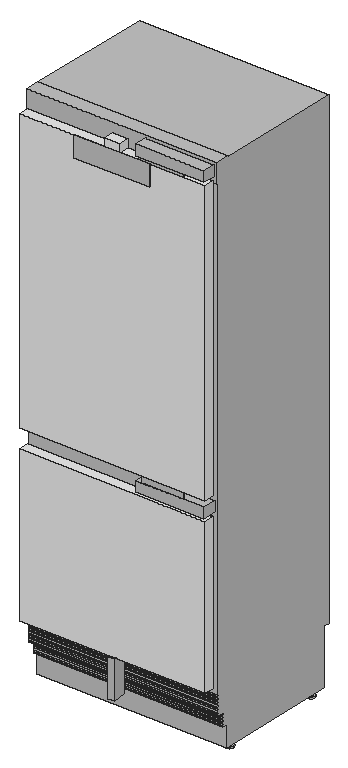
Revit family "FP_Revit_18_RS3084WRUK1_Fridge_90001084A", category Specialty Equipment, Revit 2018 (continued)
Definition of nested family "Handle Professional Round - Vertical"
  Automatic sketch dimensions
    plane 1 "Center (Front/Back)" to Extrusion 2 sketch curve = 41.7 mm
    Extrusion 3 sketch curve to plane 3 "Center (Left/Right)" = 0 mm
    plane 1 "Center (Front/Back)" to Extrusion 3 sketch curve = 41.7 mm
    Sweep 4 sketch curve to profile plane = 0 mm  (x2)
    Sweep 4 sketch curve to profile plane = 3 mm  (x2)
    Sweep 5 sketch curve to profile plane = 0 mm  (x2)
    Sweep 5 sketch curve to profile plane = 3 mm  (x2)
    Extrusion 6 sketch curve to plane 3 "Center (Left/Right)" = 0 mm
    Extrusion 6 sketch curve to plane 3 "Center (Left/Right)" = 18.5 mm
    plane 1 "Center (Front/Back)" to Extrusion 6 sketch curve = 41.7 mm
    Extrusion 6 sketch curve to Extrusion 6 sketch curve = 41.7 mm
    Extrusion 7 sketch curve to plane 3 "Center (Left/Right)" = 0 mm
    Extrusion 7 sketch curve to plane 3 "Center (Left/Right)" = 18.5 mm
    plane 1 "Center (Front/Back)" to Extrusion 7 sketch curve = 41.7 mm
    Extrusion 7 sketch curve to Extrusion 7 sketch curve = 41.7 mm
    radius of Extrusion 3 sketch curve = 12.7 mm
Definition of nested family "Handle Professional Round Flush - Vertical"
  Parameters (values of type "AHP3-RD84 - Professional round flush handle (Vertical) 677mm")
    URL = "www.fisherpaykel.com"
    Material - Handle = none
    Manufacturer = "Fisher & Paykel Appliances"
    Handle - Length = 677 mm
  Types (4): name
    (no name)
    AHP3RD2484W - Professional round flush handle (1 of 2) (Vertical) 677mm
    AHP3RD3084W - Professional round flush handle (1 of 2) (Vertical) 677mm
    AHP3-RD84 - Professional round flush handle (Vertical) 677mm
  Reference planes
    plane 1 "Center (Front/Back)": y = 0
    plane 2: z = 0
    plane 3 "Center (Left/Right)": x = 0
    plane 4 "Top": z = 338.5
    plane 5 "Bottom": z = -338.5
    plane 6 "Top Standoff": z = 303.5
    plane 7 "Bottom Standoff": z = -303.5
  Forms (mm)
    Extrusion 1, solid, material <- "Material - Handle", detail levels fine
      sketch origin (0, 0, 0) x (1, 0, 0) y (0, 1, 0)
        loop
          arc (-12.817, -46.665) -> (0, -58.016) -> (12.817, -46.665) r 12.912
          line (12.817, -46.665) -> (18.5, 0) -> (-18.5, 0) -> (-12.817, -46.665)
      from 303.5 to 338.5
    Extrusion 2, solid, material <- "Material - Handle", detail levels fine
      sketch origin (0, 0, 0) x (1, 0, 0) y (0, 1, 0)
        loop
          arc (-12.817, -46.665) -> (0, -58.016) -> (12.817, -46.665) r 12.912
          line (12.817, -46.665) -> (18.5, 0) -> (-18.5, 0) -> (-12.817, -46.665)
      from -338.5 to -303.5
    Extrusion 3, solid, material <- "Material - Handle"
      sketch origin (0, 0, 0) x (1, 0, 0) y (0, 1, 0)
        loop
          circle (0, -45.116) r 12.7
      from -303.5 to 303.5
    Sweep 4, void
      path in 3D
        loop
          line (18.5, 0, 338.5) -> (12.817, -46.665, 338.5)
          arc (12.817, -46.665, 338.5) -> (0, -58.016, 338.5) -> (-12.817, -46.665, 338.5) r 12.912
          line (-12.817, -46.665, 338.5) -> (-18.5, 0, 338.5)
      profile origin (0, -58.016, 338.5) x (0, -1, 0) y (0, 0, 1)
        loop
          line (0, 0) -> (-1.5, 0) -> (0, -1.5) -> (0, 0)
    Sweep 5, void
      path in 3D
        loop
          line (-18.5, 0, -338.5) -> (-12.817, -46.665, -338.5)
          arc (-12.817, -46.665, -338.5) -> (0, -58.016, -338.5) -> (12.817, -46.665, -338.5) r 12.912
          line (12.817, -46.665, -338.5) -> (18.5, 0, -338.5)
      profile origin (0, -58.016, -338.5) x (0, -1, 0) y (0, 0, -1)
        loop
          line (0, 0) -> (-1.5, 0) -> (0, -1.5) -> (0, 0)
    Extrusion 6, solid, material <- "Material - Handle", detail levels coarse+medium
      sketch origin (0, 0, 0) x (1, 0, 0) y (0, 1, 0)
        loop
          arc (-12.817, -46.665) -> (0, -58.016) -> (12.817, -46.665) r 12.912
          line (12.817, -46.665) -> (18.5, 0) -> (-18.5, 0) -> (-12.817, -46.665)
      from 303.5 to 338.5
    Extrusion 7, solid, material <- "Material - Handle", detail levels coarse+medium
      sketch origin (0, 0, 0) x (1, 0, 0) y (0, 1, 0)
        loop
          arc (-12.817, -46.665) -> (0, -58.016) -> (12.817, -46.665) r 12.912
          line (12.817, -46.665) -> (18.5, 0) -> (-18.5, 0) -> (-12.817, -46.665)
      from -338.5 to -303.5
  Cuts and joins
    Sweep 4 cuts Extrusion 1
    Sweep 5 cuts Extrusion 2
  Lines and regions (mm)
    sketch lines
      curve 1: arc (12.817, -46.665, 338.5) -> (0, -58.016, 338.5) -> (-12.817, -46.665, 338.5) r 12.912
      curve 2: line (12.817, -46.665, 338.5) -> (18.5, 0, 338.5)
      curve 3: line (-18.5, 0, 338.5) -> (-12.817, -46.665, 338.5)
      curve 4: arc (-12.817, -46.665, -338.5) -> (0, -58.016, -338.5) -> (12.817, -46.665, -338.5) r 12.912
      curve 5: line (18.5, 0, -338.5) -> (12.817, -46.665, -338.5)
      curve 6: line (-12.817, -46.665, -338.5) -> (-18.5, 0, -338.5)
  Dimensions and locks
    equal spacing: plane 4 "Top", level, plane 5 "Bottom"
    "Handle - Length": plane 4 "Top" to plane 5 "Bottom"
    aligned and locked: level to plane 2
    aligned and locked: plane 4 "Top" to Extrusion 1
    aligned and locked: Extrusion 1 to plane 6 "Top Standoff"
    aligned and locked: Extrusion 2 to plane 5 "Bottom"
    aligned and locked: plane 1 "Center (Front/Back)" to Extrusion 2 sketch curve
    aligned and locked: plane 6 "Top Standoff" to Extrusion 3
    aligned and locked: Extrusion 3 to plane 7 "Bottom Standoff"
  Automatic sketch dimensions
    plane 1 "Center (Front/Back)" to Extrusion 1 sketch curve = 0 mm
    Extrusion 1 sketch curve to plane 3 "Center (Left/Right)" = 0 mm
    Extrusion 1 sketch curve to plane 3 "Center (Left/Right)" = 12.817 mm
    Extrusion 1 sketch curve to plane 3 "Center (Left/Right)" = 18.5 mm
    plane 3 "Center (Left/Right)" to Extrusion 1 sketch curve = 12.817 mm
    plane 3 "Center (Left/Right)" to Extrusion 1 sketch curve = 18.5 mm
    plane 1 "Center (Front/Back)" to Extrusion 1 sketch curve = 45.104 mm
    Extrusion 1 sketch curve to Extrusion 1 sketch curve = 1.561 mm
    Extrusion 2 sketch curve to plane 3 "Center (Left/Right)" = 0 mm
    Extrusion 2 sketch curve to plane 3 "Center (Left/Right)" = 12.817 mm
    Extrusion 2 sketch curve to plane 3 "Center (Left/Right)" = 18.5 mm
    plane 3 "Center (Left/Right)" to Extrusion 2 sketch curve = 12.817 mm
    plane 3 "Center (Left/Right)" to Extrusion 2 sketch curve = 18.5 mm
    plane 1 "Center (Front/Back)" to Extrusion 2 sketch curve = 45.104 mm
    Extrusion 2 sketch curve to Extrusion 2 sketch curve = 1.561 mm
    Extrusion 3 sketch curve to plane 3 "Center (Left/Right)" = 0 mm
    plane 1 "Center (Front/Back)" to Extrusion 3 sketch curve = 45.116 mm
    Sweep 4 sketch curve to profile plane = 0 mm  (x2)
    profile plane to Sweep 4 sketch curve = 1.5 mm
    Sweep 4 sketch curve to profile plane = 1.5 mm
    profile plane to Sweep 5 sketch curve = 0 mm
    Sweep 5 sketch curve to profile plane = 0 mm
    profile plane to Sweep 5 sketch curve = 1.5 mm
    Sweep 5 sketch curve to profile plane = 1.5 mm
    Extrusion 6 sketch curve to plane 3 "Center (Left/Right)" = 0 mm
    Extrusion 6 sketch curve to plane 3 "Center (Left/Right)" = 12.817 mm
    Extrusion 6 sketch curve to plane 3 "Center (Left/Right)" = 18.5 mm
    plane 3 "Center (Left/Right)" to Extrusion 6 sketch curve = 12.817 mm
    plane 3 "Center (Left/Right)" to Extrusion 6 sketch curve = 18.5 mm
    plane 1 "Center (Front/Back)" to Extrusion 6 sketch curve = 46.665 mm
    Extrusion 6 sketch curve to Extrusion 6 sketch curve = 1.561 mm
    Extrusion 6 sketch curve to Extrusion 6 sketch curve = 46.665 mm
    Extrusion 7 sketch curve to plane 3 "Center (Left/Right)" = 0 mm
    Extrusion 7 sketch curve to plane 3 "Center (Left/Right)" = 12.817 mm
    Extrusion 7 sketch curve to plane 3 "Center (Left/Right)" = 18.5 mm
    plane 3 "Center (Left/Right)" to Extrusion 7 sketch curve = 12.817 mm
    plane 3 "Center (Left/Right)" to Extrusion 7 sketch curve = 18.5 mm
    plane 1 "Center (Front/Back)" to Extrusion 7 sketch curve = 46.665 mm
    Extrusion 7 sketch curve to Extrusion 7 sketch curve = 1.561 mm
    Extrusion 7 sketch curve to Extrusion 7 sketch curve = 46.665 mm
    radius of Extrusion 3 sketch curve = 12.7 mm
Definition of nested family "Handle Professional Square - Vertical"
  Parameters (values of type "AHV2RS3272A - Professional square handle (1 of 2) (Vertical) 727mm")
    URL = "www.fisherpaykel.com"
    Material - Handle = none
    Manufacturer = "Fisher & Paykel Appliances"
    Handle - Length = 727 mm
  Types (5, lengths in mm): name | Handle - Length
    (no name) | 727
    AHV2RD2484W - Professional square handle (1 of 2) (Vertical) 727mm | 727
    AHV2RD3084W - Professional square handle (1 of 2) (Vertical) 727mm | 727
    AHV2-RD84 - Professional square handle (Vertical) 792mm | 792
    AHV2RS3272A - Professional square handle (1 of 2) (Vertical) 727mm | 727
  Reference planes
    plane 1 "Center (Front/Back)": y = 0
    plane 2: z = 0
    plane 3 "Center (Left/Right)": x = 0
    plane 4 "Top": z = 363.5
    plane 5 "Bottom": z = -363.5
    plane 6 "Top Standoff": z = 313.5
    plane 7 "Bottom Standoff": z = -313.5
  Forms (mm)
    Extrusion 1, solid, material <- "Material - Handle", detail levels fine
      sketch origin (0, 0, 0) x (0, 1, 0) y (0, 0, 1)
        loop
          line (0, 363.5) -> (-40, 363.5)
          arc (-40, 363.5) -> (-47.071, 360.571) -> (-50, 353.5) r 10
          line (-50, 353.5) -> (-50, 313.5) -> (0, 313.5) -> (0, 363.5)
        loop
          line (0, -363.5) -> (0, -313.5) -> (-50, -313.5) -> (-50, -353.5)
          arc (-50, -353.5) -> (-47.071, -360.571) -> (-40, -363.5) r 10
          line (-40, -363.5) -> (0, -363.5)
      from -17.5 to 17.5
    Sweep 2, void
      path in 3D
        loop
          line (17.5, 0, 363.5) -> (17.5, -40, 363.5)
          arc (17.5, -40, 363.5) -> (17.5, -47.071, 360.571) -> (17.5, -50, 353.5) r 10
          line (17.5, -50, 353.5) -> (17.5, -50, 313.5)
      profile origin (17.5, -20, 363.5) x (1, 0, 0) y (0, 0, 1)
        loop
          line (0, 0) -> (-2.5, 0) -> (0, -2.5) -> (0, 0)
    Sweep 3, void
      path in 3D
        loop
          line (-17.5, -50, 313.5) -> (-17.5, -50, 353.5)
          arc (-17.5, -50, 353.5) -> (-17.5, -47.071, 360.571) -> (-17.5, -40, 363.5) r 10
          line (-17.5, -40, 363.5) -> (-17.5, 0, 363.5)
      profile origin (-17.5, -20, 363.5) x (-1, 0, 0) y (0, 0, 1)
        loop
          line (0, 0) -> (-2.5, 0) -> (0, -2.5) -> (0, 0)
    Sweep 4, void
      path in 3D
        loop
          line (17.5, -50, -313.5) -> (17.5, -50, -353.5)
          arc (17.5, -50, -353.5) -> (17.5, -47.071, -360.571) -> (17.5, -40, -363.5) r 10
          line (17.5, -40, -363.5) -> (17.5, 0, -363.5)
      profile origin (17.5, -20, -363.5) x (1, 0, 0) y (0, 0, -1)
        loop
          line (0, 0) -> (-2.5, 0) -> (0, -2.5) -> (0, 0)
    Sweep 5, void
      path in 3D
        loop
          line (-17.5, 0, -363.5) -> (-17.5, -40, -363.5)
          arc (-17.5, -40, -363.5) -> (-17.5, -47.071, -360.571) -> (-17.5, -50, -353.5) r 10
          line (-17.5, -50, -353.5) -> (-17.5, -50, -313.5)
      profile origin (-17.5, -20, -363.5) x (-1, 0, 0) y (0, 0, -1)
        loop
          line (0, 0) -> (-2.5, 0) -> (0, -2.5) -> (0, 0)
    Extrusion 6, solid, material <- "Material - Handle", detail levels fine
      sketch origin (0, 0, 0) x (1, 0, 0) y (0, 1, 0)
        loop
          line (-15.5, -36.737) -> (-15.5, -46.422) -> (-14.172, -47.75) -> (14.172, -47.75) -> (15.5, -46.422) -> (15.5, -36.737)
          arc (15.5, -36.737) -> (0, -32.25) -> (-15.5, -36.737) r 29.013
      from -313.5 to 313.5
    Extrusion 7, solid, material <- "Material - Handle", detail levels coarse+medium
      sketch origin (0, 0, 0) x (0, 1, 0) y (0, 0, 1)
        loop
          line (0, 363.5) -> (-40, 363.5)
          arc (-40, 363.5) -> (-47.071, 360.571) -> (-50, 353.5) r 10
          line (-50, 353.5) -> (-50, -353.5)
          arc (-50, -353.5) -> (-47.071, -360.571) -> (-40, -363.5) r 10
          line (-40, -363.5) -> (0, -363.5) -> (0, -313.5) -> (-31.95, -313.5) -> (-31.95, 313.5) -> (0, 313.5) -> (0, 363.5)
      from -17.5 to 17.5
  Cuts and joins
    Sweep 2, Sweep 3, Sweep 4, Sweep 5 cuts Extrusion 1
  Lines and regions (mm)
    sketch lines
      curve 1: line (17.5, 0, 363.5) -> (17.5, -40, 363.5)
      curve 2: arc (17.5, -50, 353.5) -> (17.5, -47.071, 360.571) -> (17.5, -40, 363.5) r 10
      curve 3: line (17.5, -50, 353.5) -> (17.5, -50, 313.5)
      curve 4: line (-17.5, -40, 363.5) -> (-17.5, 0, 363.5)
      curve 5: arc (-17.5, -40, 363.5) -> (-17.5, -47.071, 360.571) -> (-17.5, -50, 353.5) r 10
      curve 6: line (-17.5, -50, 313.5) -> (-17.5, -50, 353.5)
      curve 7: line (17.5, -40, -363.5) -> (17.5, 0, -363.5)
      curve 8: arc (17.5, -40, -363.5) -> (17.5, -47.071, -360.571) -> (17.5, -50, -353.5) r 10
      curve 9: line (17.5, -50, -313.5) -> (17.5, -50, -353.5)
      curve 10: line (-17.5, 0, -363.5) -> (-17.5, -40, -363.5)
      curve 11: arc (-17.5, -50, -353.5) -> (-17.5, -47.071, -360.571) -> (-17.5, -40, -363.5) r 10
      curve 12: line (-17.5, -50, -353.5) -> (-17.5, -50, -313.5)
  Dimensions and locks
    equal spacing: plane 4 "Top", level, plane 5 "Bottom"
    "Handle - Length": plane 4 "Top" to plane 5 "Bottom"
    plane 7 "Bottom Standoff" to plane 5 "Bottom" = 50 mm
    plane 4 "Top" to plane 6 "Top Standoff" = 50 mm
    aligned and locked: level to plane 2
    aligned and locked: plane 4 "Top" to Extrusion 1 sketch curve
    aligned and locked: plane 5 "Bottom" to Extrusion 1 sketch curve
    aligned and locked: Extrusion 1 sketch curve to plane 1 "Center (Front/Back)"
    aligned and locked: plane 1 "Center (Front/Back)" to Extrusion 1 sketch curve
    aligned and locked: plane 6 "Top Standoff" to Extrusion 1 sketch curve
    aligned and locked: plane 7 "Bottom Standoff" to Extrusion 1 sketch curve
    aligned and locked: plane 6 "Top Standoff" to Extrusion 6
    aligned and locked: Extrusion 6 to plane 7 "Bottom Standoff"
    aligned and locked: plane 4 "Top" to Extrusion 7 sketch curve
    aligned and locked: plane 6 "Top Standoff" to Extrusion 7 sketch curve
    aligned and locked: plane 1 "Center (Front/Back)" to Extrusion 7 sketch curve
    aligned and locked: plane 7 "Bottom Standoff" to Extrusion 7 sketch curve
    aligned and locked: plane 5 "Bottom" to Extrusion 7 sketch curve
    aligned and locked: Extrusion 7 sketch curve to plane 1 "Center (Front/Back)"
  Automatic sketch dimensions
    Sweep 2 sketch curve to profile plane = 0 mm
    profile plane to Sweep 2 sketch curve = 0 mm
    profile plane to Sweep 2 sketch curve = 2.5 mm
    Sweep 2 sketch curve to profile plane = 2.5 mm
    Sweep 3 sketch curve to profile plane = 0 mm  (x2)
    profile plane to Sweep 3 sketch curve = 2.5 mm
    Sweep 3 sketch curve to profile plane = 2.5 mm
    Sweep 4 sketch curve to profile plane = 0 mm
    profile plane to Sweep 4 sketch curve = 0 mm
    profile plane to Sweep 4 sketch curve = 2.5 mm
    Sweep 4 sketch curve to profile plane = 2.5 mm
    Sweep 5 sketch curve to profile plane = 0 mm  (x2)
    profile plane to Sweep 5 sketch curve = 2.5 mm
    Sweep 5 sketch curve to profile plane = 2.5 mm
    plane 1 "Center (Front/Back)" to Extrusion 1 sketch curve = 40 mm  (x2)
    Extrusion 1 sketch curve to Extrusion 1 sketch curve = 10 mm  (x2)
    Extrusion 6 sketch curve to plane 3 "Center (Left/Right)" = 0 mm
    Extrusion 6 sketch curve to Extrusion 6 sketch curve = 1.328 mm  (x4)
    plane 1 "Center (Front/Back)" to Extrusion 6 sketch curve = 61.263 mm
    Extrusion 6 sketch curve to Extrusion 6 sketch curve = 13.513 mm
    Extrusion 6 sketch curve to Extrusion 6 sketch curve = 9.684 mm  (x2)
    Extrusion 6 sketch curve to plane 3 "Center (Left/Right)" = 14.172 mm
    plane 1 "Center (Front/Back)" to Extrusion 7 sketch curve = 31.95 mm
    plane 1 "Center (Front/Back)" to Extrusion 7 sketch curve = 40 mm  (x2)
    Extrusion 7 sketch curve to plane 4 "Top" = 10 mm
Definition of nested family "Handle Contemporary Round - Horizontal"
  Parameters (values of type "AHSRS80A - Contemporary round handle (2 of 2) (Horizontal) 646mm")
    URL = "www.fisherpaykel.com"
    Product - Width = 646 mm
    Material - Handle = none
    Manufacturer = "Fisher & Paykel Appliances"
  Types (5, lengths in mm): name | Product - Width
    (no name) | 646
    AHSRD2484W - Contemporary round handle (2 of 2) (Horizontal) 494mm | 494
    AHSRD3084W - Contemporary round handle (2 of 2) (Horizontal) 646mm | 646
    AHSRS3272A - Contemporary round handle (2 of 2) (Horizontal) 646mm | 646
    AHSRS80A - Contemporary round handle (2 of 2) (Horizontal) 646mm | 646
  Reference planes
    plane 1 "Center (Front/Back)": y = 0
    plane 2: z = 0
    plane 3 "Center (Left/Right)": x = 0
    plane 4 "Product LHS": x = -323
    plane 5 "Product RHS": x = 323
    plane 6 "LHS Standoff": x = -202.995
    plane 7 "RHS Standoff": x = 203.005
  Forms (mm)
    Extrusion 1, solid, material <- "Material - Handle"
      sketch origin (0, 0, 0) x (0, 1, 0) y (0, 0, 1)
        loop
          circle (-32.3, 0) r 8.7
      from -202.995 to 203.005
    Extrusion 2, solid, material <- "Material - Handle", detail levels fine
      sketch origin (0, 0, 0) x (0, 1, 0) y (0, 0, 1)
        loop
          line (0, 8.7) -> (-32.3, 8.7)
          arc (-32.3, 8.7) -> (-41, 0) -> (-32.3, -8.7) r 8.7
          line (-32.3, -8.7) -> (0, -8.7) -> (0, 8.7)
      from 203.005 to 323
    Extrusion 3, solid, material <- "Material - Handle", detail levels fine
      sketch origin (0, 0, 0) x (0, 1, 0) y (0, 0, -1)
        loop
          line (0, -8.7) -> (0, 8.7) -> (-32.3, 8.7)
          arc (-32.3, 8.7) -> (-41, 0) -> (-32.3, -8.7) r 8.7
          line (-32.3, -8.7) -> (0, -8.7)
      from 202.995 to 323
    Sweep 4, void
      path in 3D
        loop
          line (323, 0, 8.7) -> (323, -32.3, 8.7)
          arc (323, -32.3, 8.7) -> (323, -41, 0) -> (323, -32.3, -8.7) r 8.7
          line (323, -32.3, -8.7) -> (323, 0, -8.7)
      profile origin (323, -16.15, 8.7) x (1, 0, 0) y (0, 0, 1)
        loop
          line (0, 0) -> (-1, 0) -> (0, -1) -> (0, 0)
    Sweep 5, void
      path in 3D
        loop
          line (-323, 0, -8.7) -> (-323, -32.3, -8.7)
          arc (-323, -32.3, -8.7) -> (-323, -41, 0) -> (-323, -32.3, 8.7) r 8.7
          line (-323, -32.3, 8.7) -> (-323, 0, 8.7)
      profile origin (-323, -16.15, 8.7) x (-1, 0, 0) y (0, 0, 1)
        loop
          line (0, 0) -> (-1, 0) -> (0, -1) -> (0, 0)
    Extrusion 6, solid, material <- "Material - Handle", detail levels coarse+medium
      sketch origin (0, 0, 0) x (0, 1, 0) y (0, 0, 1)
        loop
          line (0, 8.7) -> (-32.3, 8.7)
          arc (-32.3, 8.7) -> (-41, 0) -> (-32.3, -8.7) r 8.7
          line (-32.3, -8.7) -> (0, -8.7) -> (0, 8.7)
      from 203.005 to 323
    Extrusion 7, solid, material <- "Material - Handle", detail levels coarse+medium
      sketch origin (0, 0, 0) x (0, 1, 0) y (0, 0, -1)
        loop
          line (0, -8.7) -> (0, 8.7) -> (-32.3, 8.7)
          arc (-32.3, 8.7) -> (-41, 0) -> (-32.3, -8.7) r 8.7
          line (-32.3, -8.7) -> (0, -8.7)
      from 202.995 to 323
  Cuts and joins
    Sweep 4 cuts Extrusion 2
    Sweep 5 cuts Extrusion 3
  Lines and regions (mm)
    sketch lines
      curve 1: line (323, 0, 8.7) -> (323, -32.3, 8.7)
      curve 2: arc (323, -32.3, -8.7) -> (323, -41, 0) -> (323, -32.3, 8.7) r 8.7
      curve 3: line (323, -32.3, -8.7) -> (323, 0, -8.7)
      curve 4: line (-323, -32.3, 8.7) -> (-323, 0, 8.7)
      curve 5: arc (-323, -32.3, 8.7) -> (-323, -41, 0) -> (-323, -32.3, -8.7) r 8.7
      curve 6: line (-323, 0, -8.7) -> (-323, -32.3, -8.7)
  Dimensions and locks
    equal spacing: plane 4 "Product LHS", plane 3 "Center (Left/Right)", plane 5 "Product RHS"
    "Product - Width": plane 4 "Product LHS" to plane 5 "Product RHS"
    locked: plane 4 "Product LHS" to plane 6 "LHS Standoff" at 120.005
    locked: plane 7 "RHS Standoff" to plane 5 "Product RHS" at 119.995
    equal spacing: Extrusion 2 sketch curve, level, Extrusion 2 sketch curve
    Extrusion 3 sketch curve to Extrusion 3 sketch curve = 17.4 mm
    Extrusion 6 sketch curve to Extrusion 6 sketch curve = 17.4 mm
    Extrusion 7 sketch curve to Extrusion 7 sketch curve = 17.4 mm
    aligned and locked: level to plane 2
    aligned and locked: plane 7 "RHS Standoff" to Extrusion 1
    aligned and locked: Extrusion 2 to Extrusion 1
    aligned and locked: Extrusion 2 to plane 5 "Product RHS"
    aligned and locked: plane 4 "Product LHS" to Extrusion 3
    aligned and locked: plane 6 "LHS Standoff" to Extrusion 3
    aligned and locked: Extrusion 1 to plane 6 "LHS Standoff"
    aligned and locked: Extrusion 6 to Extrusion 1
    aligned and locked: Extrusion 6 to plane 5 "Product RHS"
    aligned and locked: plane 4 "Product LHS" to Extrusion 7
    aligned and locked: Extrusion 7 to Extrusion 1
  Automatic sketch dimensions
    Extrusion 1 sketch curve to level = 0 mm
    plane 1 "Center (Front/Back)" to Extrusion 1 sketch curve = 32.3 mm
    Extrusion 2 sketch curve to plane 1 "Center (Front/Back)" = 0 mm
    Extrusion 2 sketch curve to level = 8.7 mm
    plane 1 "Center (Front/Back)" to Extrusion 2 sketch curve = 32.3 mm
    Extrusion 3 sketch curve to level = 0 mm
    Extrusion 3 sketch curve to plane 1 "Center (Front/Back)" = 0 mm
    Extrusion 3 sketch curve to level = 8.7 mm
    plane 1 "Center (Front/Back)" to Extrusion 3 sketch curve = 32.3 mm
    Sweep 4 sketch curve to profile plane = 0 mm
    profile plane to Sweep 4 sketch curve = 0 mm
    profile plane to Sweep 4 sketch curve = 1 mm
    Sweep 4 sketch curve to profile plane = 1 mm
    Sweep 5 sketch curve to profile plane = 0 mm  (x2)
    profile plane to Sweep 5 sketch curve = 1 mm
    Sweep 5 sketch curve to profile plane = 1 mm
    Extrusion 6 sketch curve to level = 0 mm
    level to Extrusion 6 sketch curve = 8.7 mm
    plane 1 "Center (Front/Back)" to Extrusion 6 sketch curve = 32.3 mm
    Extrusion 6 sketch curve to Extrusion 6 sketch curve = 32.3 mm
    Extrusion 7 sketch curve to level = 0 mm
    level to Extrusion 7 sketch curve = 8.7 mm
    plane 1 "Center (Front/Back)" to Extrusion 7 sketch curve = 32.3 mm
    Extrusion 7 sketch curve to Extrusion 7 sketch curve = 32.3 mm
    radius of Extrusion 1 sketch curve = 8.7 mm
Definition of nested family "Handle Contemporary Square - Horizontal"
  Parameters (values of type "AHD3RD3084W - Contemporary square handle (2 of 2) (Horizontal) 646mm")
    URL = "www.fisherpaykel.com"
    Material - Handle = none
    Manufacturer = "Fisher & Paykel Appliances"
    Handle - Length = 646 mm
  Types (5, lengths in mm): name | Handle - Length
    (no name) | 646
    AHD3RD2484W - Contemporary square handle (2 of 2) (Horizontal) 494mm | 494
    AHD3RD3084W - Contemporary square handle (2 of 2) (Horizontal) 646mm | 646
    AHD3RS3272A - Contemporary square handle (2 of 2) (Horizontal) 646mm | 646
    AHD3RS80A - Contemporary square handle (2 of 2) (Horizontal) 646mm | 646
  Reference planes
    plane 1 "Center (Front/Back)": y = 0
    plane 2: z = 0
    plane 3 "Center (Left/Right)": x = 0
    plane 4 "Product LHS": x = -323
    plane 5 "Product RHS": x = 323
    plane 6 "LHS Standoff": x = -202.995
    plane 7 "RHS Standoff": x = 203.005
  Forms (mm)
    Extrusion 1, solid, material <- "Material - Handle", detail levels fine
      sketch origin (0, 0, 0) x (0, 1, 0) y (0, 0, 1)
        loop
          arc (-28.701, 7.561) -> (-29.057, 7.868) -> (-29.514, 7.978) r 1
          line (-29.514, 7.978) -> (-40.5, 7.978)
          arc (-40.5, 7.978) -> (-41.561, 7.539) -> (-42, 6.478) r 1.5
          line (-42, 6.478) -> (-42, -6.522)
          arc (-42, -6.522) -> (-41.561, -7.583) -> (-40.5, -8.022) r 1.5
          line (-40.5, -8.022) -> (-29.487, -8.022)
          arc (-29.487, -8.022) -> (-29.029, -7.911) -> (-28.673, -7.602) r 1
          arc (-28.673, -7.602) -> (-26.256, -0.016) -> (-28.701, 7.561) r 13.038
      from -323 to 323
    Extrusion 2, solid, material <- "Material - Handle", detail levels fine
      sketch origin (0, 0, 0) x (0, 1, 0) y (0, 0, 1)
        loop
          arc (-28.23, 7.062) -> (-26.156, 0.008) -> (-28.198, -7.056) r 13.136
          arc (-28.198, -7.056) -> (-28.21, -7.463) -> (-27.86, -7.67) r 0.4
          line (-27.86, -7.67) -> (0, -7.67) -> (0, 7.678) -> (-27.893, 7.678)
          arc (-27.893, 7.678) -> (-28.244, 7.47) -> (-28.23, 7.062) r 0.4
      from 203.005 to 323
    Extrusion 3, solid, material <- "Material - Handle", detail levels fine
      sketch origin (0, 0, 0) x (0, 1, 0) y (0, 0, -1)
        loop
          arc (-28.23, -7.062) -> (-28.244, -7.47) -> (-27.893, -7.678) r 0.4
          line (-27.893, -7.678) -> (0, -7.678) -> (0, 7.67) -> (-27.86, 7.67)
          arc (-27.86, 7.67) -> (-28.21, 7.463) -> (-28.198, 7.056) r 0.4
          arc (-28.198, 7.056) -> (-26.156, -0.008) -> (-28.23, -7.062) r 13.136
      from 202.995 to 323
    Sweep 4, void
      path in 3D
        loop
          line (323, -29.514, 7.978) -> (323, -40.5, 7.978)
          arc (323, -40.5, 7.978) -> (323, -41.561, 7.539) -> (323, -42, 6.478) r 1.5
          line (323, -42, 6.478) -> (323, -42, -6.522)
          arc (323, -42, -6.522) -> (323, -41.561, -7.583) -> (323, -40.5, -8.022) r 1.5
          line (323, -40.5, -8.022) -> (323, -29.487, -8.022)
      profile origin (323, -35.007, 7.978) x (1, 0, 0) y (0, 0, 1)
        loop
          line (0, 0) -> (-1.3, 0) -> (0, -1.3) -> (0, 0)
    Sweep 5, void
      path in 3D
        loop
          line (-323, -29.487, -8.022) -> (-323, -40.5, -8.022)
          arc (-323, -40.5, -8.022) -> (-323, -41.561, -7.583) -> (-323, -42, -6.522) r 1.5
          line (-323, -42, -6.522) -> (-323, -42, 6.478)
          arc (-323, -42, 6.478) -> (-323, -41.561, 7.539) -> (-323, -40.5, 7.978) r 1.5
          line (-323, -40.5, 7.978) -> (-323, -29.514, 7.978)
      profile origin (-323, -35.007, 7.978) x (-1, 0, 0) y (0, 0, 1)
        loop
          line (0, 0) -> (-1.3, 0) -> (0, -1.3) -> (0, 0)
    Extrusion 6, void
      sketch origin (0, 0, 0) x (1, 0, 0) y (0, 0, 1)
        loop
          line (323, 7.978) -> (321.7, 7.978) -> (323, 6.678) -> (323, 7.978)
        loop
          line (323, -8.022) -> (323, -6.722) -> (321.7, -8.022) -> (323, -8.022)
      from 0 to 40
    Extrusion 7, void
      sketch origin (0, 0, 0) x (1, 0, 0) y (0, 0, 1)
        loop
          line (-323, 7.978) -> (-323, 6.678) -> (-321.7, 7.978) -> (-323, 7.978)
        loop
          line (-323, -8.022) -> (-321.7, -8.022) -> (-323, -6.722) -> (-323, -8.022)
      from 0 to 40
    Extrusion 8, solid, material <- "Material - Handle", detail levels coarse+medium
      sketch origin (0, 0, 0) x (1, 0, 0) y (0, 1, 0)
        loop
          line (-323, -42) -> (323, -42) -> (323, 0) -> (203.005, 0) -> (203.005, -26.156) -> (-202.995, -26.156) -> (-202.995, 0) -> (-323, 0) -> (-323, -42)
      from -8.022 to 7.978
  Cuts and joins
    Sweep 4, Sweep 5, Extrusion 6, Extrusion 7 cuts Extrusion 1
    Extrusion 6 cuts Extrusion 2
    Extrusion 7 cuts Extrusion 3
  Lines and regions (mm)
    sketch lines
      curve 1: line (323, -29.514, 7.978) -> (323, -40.5, 7.978)
      curve 2: arc (323, -42, 6.478) -> (323, -41.561, 7.539) -> (323, -40.5, 7.978) r 1.5
      curve 3: line (323, -42, 6.478) -> (323, -42, -6.522)
      curve 4: arc (323, -40.5, -8.022) -> (323, -41.561, -7.583) -> (323, -42, -6.522) r 1.5
      curve 5: line (323, -40.5, -8.022) -> (323, -29.487, -8.022)
      curve 6: line (-323, -40.5, 7.978) -> (-323, -29.514, 7.978)
      curve 7: arc (-323, -40.5, 7.978) -> (-323, -41.561, 7.539) -> (-323, -42, 6.478) r 1.5
      curve 8: line (-323, -42, -6.522) -> (-323, -42, 6.478)
      curve 9: arc (-323, -42, -6.522) -> (-323, -41.561, -7.583) -> (-323, -40.5, -8.022) r 1.5
      curve 10: line (-323, -29.487, -8.022) -> (-323, -40.5, -8.022)
  Dimensions and locks
    equal spacing: plane 4 "Product LHS", plane 3 "Center (Left/Right)", plane 5 "Product RHS"
    "Handle - Length": plane 4 "Product LHS" to plane 5 "Product RHS"
    locked: plane 4 "Product LHS" to plane 6 "LHS Standoff" at 120.005
    locked: plane 7 "RHS Standoff" to plane 5 "Product RHS" at 119.995
    aligned and locked: level to plane 2
    aligned and locked: Extrusion 1 to plane 5 "Product RHS"
    aligned and locked: plane 4 "Product LHS" to Extrusion 1
    aligned and locked: Extrusion 2 to plane 5 "Product RHS"
    aligned and locked: plane 4 "Product LHS" to Extrusion 3
    aligned and locked: plane 4 "Product LHS" to Extrusion 8 sketch curve
    aligned and locked: Extrusion 8 sketch curve to plane 5 "Product RHS"
    aligned and locked: Extrusion 8 sketch curve to plane 7 "RHS Standoff"
    aligned and locked: plane 6 "LHS Standoff" to Extrusion 8 sketch curve
    aligned and locked: Extrusion 2 to plane 7 "RHS Standoff"
    aligned and locked: plane 6 "LHS Standoff" to Extrusion 3
  Automatic sketch dimensions
    Extrusion 1 sketch curve to level = 6.522 mm
    plane 1 "Center (Front/Back)" to Extrusion 1 sketch curve = 42 mm
    Extrusion 1 sketch curve to Extrusion 1 sketch curve = 1.5 mm  (x2)
    Extrusion 1 sketch curve to level = 0.04 mm
    Extrusion 1 sketch curve to Extrusion 1 sketch curve = 1.206 mm
    level to Extrusion 1 sketch curve = 6.978 mm
    Extrusion 1 sketch curve to Extrusion 1 sketch curve = 10.986 mm
    Extrusion 1 sketch curve to Extrusion 1 sketch curve = 11.013 mm
    Extrusion 1 sketch curve to Extrusion 1 sketch curve = 1 mm
    level to Extrusion 1 sketch curve = 6.478 mm
    Extrusion 1 sketch curve to Extrusion 1 sketch curve = 0 mm
    Extrusion 2 sketch curve to plane 1 "Center (Front/Back)" = 0 mm
    Extrusion 2 sketch curve to level = 7.67 mm
    Extrusion 2 sketch curve to Extrusion 2 sketch curve = 27.86 mm
    level to Extrusion 2 sketch curve = 7.678 mm
    Extrusion 2 sketch curve to Extrusion 2 sketch curve = 0.033 mm
    Extrusion 2 sketch curve to level = 0.022 mm
    Extrusion 2 sketch curve to Extrusion 2 sketch curve = 11.398 mm
    Extrusion 2 sketch curve to Extrusion 2 sketch curve = 0.4 mm  (x2)
    Extrusion 2 sketch curve to Extrusion 2 sketch curve = 0 mm
    Extrusion 3 sketch curve to plane 1 "Center (Front/Back)" = 0 mm
    Extrusion 3 sketch curve to level = 7.67 mm
    Extrusion 3 sketch curve to Extrusion 3 sketch curve = 27.86 mm
    level to Extrusion 3 sketch curve = 7.678 mm
    Extrusion 3 sketch curve to Extrusion 3 sketch curve = 0.033 mm
    Extrusion 3 sketch curve to level = 0.022 mm
    Extrusion 3 sketch curve to Extrusion 3 sketch curve = 11.398 mm
    Extrusion 3 sketch curve to Extrusion 3 sketch curve = 0.4 mm  (x2)
    Extrusion 3 sketch curve to Extrusion 3 sketch curve = 0 mm
    profile plane to Sweep 4 sketch curve = 0 mm
    Sweep 4 sketch curve to profile plane = 0 mm
    Sweep 4 sketch curve to profile plane = 1.3 mm
    profile plane to Sweep 4 sketch curve = 1.3 mm
    Sweep 5 sketch curve to profile plane = 0 mm  (x2)
    profile plane to Sweep 5 sketch curve = 1.3 mm
    Sweep 5 sketch curve to profile plane = 1.3 mm
    plane 5 "Product RHS" to Extrusion 6 sketch curve = 0 mm  (x2)
    Extrusion 6 sketch curve to Extrusion 6 sketch curve = 1.3 mm  (x4)
    Extrusion 6 sketch curve to level = 6.722 mm
    level to Extrusion 6 sketch curve = 6.678 mm
    plane 4 "Product LHS" to Extrusion 7 sketch curve = 0 mm  (x2)
    Extrusion 7 sketch curve to plane 4 "Product LHS" = 1.3 mm  (x2)
    Extrusion 7 sketch curve to level = 8.022 mm
    level to Extrusion 7 sketch curve = 6.678 mm
    Extrusion 7 sketch curve to Extrusion 7 sketch curve = 1.3 mm  (x2)
    plane 1 "Center (Front/Back)" to Extrusion 8 sketch curve = 0 mm  (x2)
    Extrusion 8 sketch curve to Extrusion 8 sketch curve = 26.156 mm
    Extrusion 8 sketch curve to Extrusion 8 sketch curve = 42 mm
Definition of nested family "F&P Handle Kit - Contemporary Square Fine - Horizontal"
  Parameters (values of type "AHD5RD2484W - Contemporary square fine handle (2 of 2) (Horizontal) 494mm")
    URL = "www.fisherpaykel.com"
    Material - Handle = none
    Manufacturer = "Fisher & Paykel Appliances"
    Handle - Length = 494 mm
  Types (15, lengths in mm): name | Handle - Length
    (no name) | 494
    AHD5RD2484W - Contemporary square fine handle (2 of 2) (Horizontal) 494mm | 494
    AHD5RD2484WB - Contemporary square fine black handle (2 of 2) (Horizontal) 494mm | 494
    AHD5RD3084W - Contemporary square fine handle (2 of 2) (Horizontal) 646mm | 646
    AHD5RD3084WB - Contemporary square fine black handle (2 of 2) (Horizontal) 646mm | 646
    AHD5RD7621W - Contemporary square fine handle (2 of 2) (Horizontal) 646mm | 646
    AHD5RD7621WB - Contemporary square fine handle black (2 of 2) (Horizontal) 646mm | 646
    AHD5RD6121W - Contemporary square fine handle (2 of 2) (Horizontal) 494mm | 494
    AHD5RD6121WB - Contemporary square fine handle black (2 of 2) (Horizontal) 494mm | 494
    AHD5RD36A - Contemporary square fine handle (2 of 2) (Horizontal) 746mm | 746
    AHD5RD36AB - Contemporary square fine black handle (2 of 2) (Horizontal) 746mm | 746
    AHD5RD90A - Contemporary square fine handle (2 of 2) (Horizontal) 746mm | 746
    AHD5RD80A - Contemporary square fine handle (2 of 2) (Horizontal) 646mm | 646
    AHD5RD80AB - Contemporary square fine black handle (2 of 2) (Horizontal) 646mm | 646
    AHD5RD90AB - Contemporary square fine black handle (2 of 2) (Horizontal) 746mm | 746
  Reference planes
    plane 1 "Center (Front/Back)": y = 0
    plane 2: z = 0
    plane 3 "Center (Left/Right)": x = 0
    plane 4 "Product LHS": x = -247
    plane 5 "Product RHS": x = 247
    plane 6 "LHS Standoff": x = -126.995
    plane 7 "RHS Standoff": x = 127.005
  Forms (mm)
    Extrusion 1, solid, material <- "Material - Handle", detail levels fine
      sketch origin (0, 0, 0) x (0, 1, 0) y (0, 0, 1)
        loop
          arc (-26.813, 6.16) -> (-27.196, 6.554) -> (-27.728, 6.686) r 1
          line (-27.728, 6.686) -> (-40.035, 6.256)
          arc (-40.035, 6.256) -> (-40.719, 5.951) -> (-41, 5.257) r 1
          line (-41, 5.257) -> (-41, -5.257)
          arc (-41, -5.257) -> (-40.719, -5.951) -> (-40.035, -6.256) r 1
          line (-40.035, -6.256) -> (-27.709, -6.686)
          arc (-27.709, -6.686) -> (-27.175, -6.554) -> (-26.792, -6.158) r 1
          arc (-26.792, -6.158) -> (-25.256, 0.004) -> (-26.813, 6.16) r 13.038
      from -247 to 247
    Extrusion 2, solid, material <- "Material - Handle", detail levels fine
      sketch origin (0, 0, 0) x (0, 1, 0) y (0, 0, 1)
        loop
          arc (-26.626, -6.008) -> (-26.614, -6.49) -> (-26.2, -6.737) r 0.5
          line (-26.2, -6.737) -> (0, -7.696) -> (0, 7.704) -> (-26.174, 6.747)
          arc (-26.174, 6.747) -> (-26.587, 6.5) -> (-26.6, 6.019) r 0.5
          arc (-26.6, 6.019) -> (-25.156, 0.002) -> (-26.626, -6.008) r 13.136
      from 127.005 to 247
    Extrusion 3, solid, material <- "Material - Handle", detail levels coarse+medium
      sketch origin (0, 0, 0) x (1, 0, 0) y (0, 1, 0)
        loop
          line (-247, -42) -> (247, -42) -> (247, 0) -> (127.005, 0) -> (127.005, -26.156) -> (-126.995, -26.156) -> (-126.995, 0) -> (-247, 0) -> (-247, -42)
      from -8.022 to 7.978
    Extrusion 4, solid, material <- "Material - Handle", detail levels fine
      sketch origin (0, 0, 0) x (0, 1, 0) y (0, 0, 1)
        loop
          arc (-26.626, -6.008) -> (-26.614, -6.49) -> (-26.2, -6.737) r 0.5
          line (-26.2, -6.737) -> (0, -7.696) -> (0, 7.704) -> (-26.174, 6.747)
          arc (-26.174, 6.747) -> (-26.587, 6.5) -> (-26.6, 6.019) r 0.5
          arc (-26.6, 6.019) -> (-25.156, 0.002) -> (-26.626, -6.008) r 13.136
      from -247 to -126.995
  Dimensions and locks
    equal spacing: plane 4 "Product LHS", plane 3 "Center (Left/Right)", plane 5 "Product RHS"
    "Handle - Length": plane 4 "Product LHS" to plane 5 "Product RHS"
    locked: plane 4 "Product LHS" to plane 6 "LHS Standoff" at 120.005
    locked: plane 7 "RHS Standoff" to plane 5 "Product RHS" at 119.995
    aligned and locked: level to plane 2
    aligned and locked: Extrusion 1 to plane 5 "Product RHS"
    aligned and locked: plane 4 "Product LHS" to Extrusion 1
    aligned and locked: Extrusion 2 to plane 5 "Product RHS"
    aligned and locked: plane 4 "Product LHS" to Extrusion 3 sketch curve
    aligned and locked: Extrusion 3 sketch curve to plane 5 "Product RHS"
    aligned and locked: Extrusion 3 sketch curve to plane 7 "RHS Standoff"
    aligned and locked: plane 6 "LHS Standoff" to Extrusion 3 sketch curve
    aligned and locked: plane 4 "Product LHS" to Extrusion 4
    aligned and locked: plane 6 "LHS Standoff" to Extrusion 4
    aligned and locked: Extrusion 2 to plane 7 "RHS Standoff"
  Automatic sketch dimensions
    Extrusion 1 sketch curve to level = 5.257 mm
    plane 1 "Center (Front/Back)" to Extrusion 1 sketch curve = 41 mm
    level to Extrusion 1 sketch curve = 6.256 mm
    Extrusion 1 sketch curve to Extrusion 1 sketch curve = 0.965 mm  (x2)
    Extrusion 1 sketch curve to level = 6.256 mm
    Extrusion 1 sketch curve to Extrusion 1 sketch curve = 0.035 mm  (x3)
    Extrusion 1 sketch curve to level = 0.018 mm
    Extrusion 1 sketch curve to Extrusion 1 sketch curve = 1.706 mm
    level to Extrusion 1 sketch curve = 6.686 mm
    Extrusion 1 sketch curve to Extrusion 1 sketch curve = 12.307 mm
    Extrusion 1 sketch curve to level = 6.686 mm
    Extrusion 1 sketch curve to Extrusion 1 sketch curve = 12.326 mm
    Extrusion 1 sketch curve to Extrusion 1 sketch curve = 0.999 mm  (x2)
    Extrusion 1 sketch curve to Extrusion 1 sketch curve = 0 mm
    Extrusion 2 sketch curve to plane 1 "Center (Front/Back)" = 0 mm
    level to Extrusion 2 sketch curve = 6.247 mm
    plane 1 "Center (Front/Back)" to Extrusion 2 sketch curve = 26.155 mm
    level to Extrusion 2 sketch curve = 6.747 mm
    Extrusion 2 sketch curve to Extrusion 2 sketch curve = 0.018 mm  (x2)
    Extrusion 2 sketch curve to level = 6.238 mm
    Extrusion 2 sketch curve to Extrusion 2 sketch curve = 0.026 mm
    Extrusion 2 sketch curve to level = 6.737 mm
    level to Extrusion 2 sketch curve = 0.03 mm
    Extrusion 2 sketch curve to Extrusion 2 sketch curve = 12.11 mm
    Extrusion 2 sketch curve to level = 7.696 mm
    level to Extrusion 2 sketch curve = 7.704 mm
    Extrusion 2 sketch curve to Extrusion 2 sketch curve = 0 mm
    plane 1 "Center (Front/Back)" to Extrusion 3 sketch curve = 42 mm
    Extrusion 3 sketch curve to Extrusion 3 sketch curve = 15.844 mm
    Extrusion 3 sketch curve to Extrusion 3 sketch curve = 26.156 mm  (x2)
    level to Extrusion 4 sketch curve = 0.03 mm
    plane 1 "Center (Front/Back)" to Extrusion 4 sketch curve = 38.291 mm
    Extrusion 4 sketch curve to level = 6.737 mm
    Extrusion 4 sketch curve to Extrusion 4 sketch curve = 12.091 mm
    Extrusion 4 sketch curve to Extrusion 4 sketch curve = 0.018 mm  (x2)
    level to Extrusion 4 sketch curve = 6.747 mm
    Extrusion 4 sketch curve to Extrusion 4 sketch curve = 0.008 mm
    level to Extrusion 4 sketch curve = 7.704 mm
    Extrusion 4 sketch curve to Extrusion 4 sketch curve = 26.174 mm
    Extrusion 4 sketch curve to level = 7.696 mm
    Extrusion 4 sketch curve to Extrusion 4 sketch curve = 0.5 mm  (x2)
    Extrusion 4 sketch curve to Extrusion 4 sketch curve = 0 mm
Definition of nested family "Handle Professional Round - Horizontal"
  Parameters (values of type "AHCRD2484W - Professional round handle (2 of 2) (Horizontal) 428mm")
    URL = "www.fisherpaykel.com"
    Material - Standoff = none
    Material - Handle = none
    Manufacturer = "Fisher & Paykel Appliances"
    Handle - Length = 428 mm
  Types (4, lengths in mm): name | Handle - Length
    (no name) | 428
    AHCRD2484W - Professional round handle (2 of 2) (Horizontal) 428mm | 428
    AHCRD3084W - Professional round handle (2 of 2) (Horizontal) 580mm | 646
    AHCRS3272A - Professional round handle (2 of 2) (Horizontal) 580mm | 646
  Reference planes
    plane 1 "Center (Front/Back)": y = 0
    plane 2: z = 0
    plane 3 "Center (Left/Right)": x = 0
    plane 4 "Product LHS": x = -214
    plane 5 "Product RHS": x = 214
    plane 6 "LHS Standoff": x = -170
    plane 7 "RHS Standoff": x = 170
  Forms (mm)
    Extrusion 1, solid, material <- "Material - Standoff", detail levels fine
      sketch origin (0, 0, 0) x (0, 1, 0) y (0, 0, 1)
        loop
          line (0, 18.5) -> (-41.7, 18.5)
          arc (-41.7, 18.5) -> (-60.2, 0) -> (-41.7, -18.5) r 18.5
          line (-41.7, -18.5) -> (0, -18.5) -> (0, 18.5)
      from 170 to 214
    Extrusion 2, solid, material <- "Material - Standoff", detail levels fine
      sketch origin (0, 0, 0) x (0, 1, 0) y (0, 0, 1)
        loop
          line (0, 18.5) -> (-41.7, 18.5)
          arc (-41.7, 18.5) -> (-60.2, 0) -> (-41.7, -18.5) r 18.5
          line (-41.7, -18.5) -> (0, -18.5) -> (0, 18.5)
      from -214 to -170
    Sweep 3, void
      path in 3D
        loop
          line (214, 0, 18.5) -> (214, -41.7, 18.5)
          arc (214, -41.7, 18.5) -> (214, -60.2, 0) -> (214, -41.7, -18.5) r 18.5
          line (214, -41.7, -18.5) -> (214, 0, -18.5)
      profile origin (214, -20.85, 18.5) x (1, 0, 0) y (0, 0, 1)
        loop
          line (0, 0) -> (-3, 0) -> (0, -3) -> (0, 0)
    Sweep 4, void
      path in 3D
        loop
          line (-214, 0, -18.5) -> (-214, -41.7, -18.5)
          arc (-214, -41.7, -18.5) -> (-214, -60.2, 0) -> (-214, -41.7, 18.5) r 18.5
          line (-214, -41.7, 18.5) -> (-214, 0, 18.5)
      profile origin (-214, -20.85, 18.5) x (-1, 0, 0) y (0, 0, 1)
        loop
          line (0, 0) -> (-3, 0) -> (0, -3) -> (0, 0)
    Extrusion 5, solid, material <- "Material - Handle"
      sketch origin (0, -2.3, 0) x (0, 1, 0) y (0, 0, 1)
        loop
          circle (-39.4, 0) r 12.7
      from -170 to 170
    Extrusion 6, solid, material <- "Material - Standoff", detail levels coarse+medium
      sketch origin (0, 0, 0) x (0, 1, 0) y (0, 0, 1)
        loop
          line (0, 18.5) -> (-41.7, 18.5)
          arc (-41.7, 18.5) -> (-60.2, 0) -> (-41.7, -18.5) r 18.5
          line (-41.7, -18.5) -> (0, -18.5) -> (0, 18.5)
      from 214 to 170
    Extrusion 7, solid, material <- "Material - Standoff", detail levels coarse+medium
      sketch origin (0, 0, 0) x (0, 1, 0) y (0, 0, 1)
        loop
          line (0, 18.5) -> (-41.7, 18.5)
          arc (-41.7, 18.5) -> (-60.2, 0) -> (-41.7, -18.5) r 18.5
          line (-41.7, -18.5) -> (0, -18.5) -> (0, 18.5)
      from -170 to -214
  Cuts and joins
    Sweep 3 cuts Extrusion 1
    Sweep 4 cuts Extrusion 2
  Lines and regions (mm)
    sketch lines
      curve 1: line (214, 0, 18.5) -> (214, -41.7, 18.5)
      curve 2: arc (214, -41.7, -18.5) -> (214, -60.2, 0) -> (214, -41.7, 18.5) r 18.5
      curve 3: line (214, -41.7, -18.5) -> (214, 0, -18.5)
      curve 4: line (-214, -41.7, 18.5) -> (-214, 0, 18.5)
      curve 5: arc (-214, -41.7, 18.5) -> (-214, -60.2, 0) -> (-214, -41.7, -18.5) r 18.5
      curve 6: line (-214, 0, -18.5) -> (-214, -41.7, -18.5)
  Dimensions and locks
    equal spacing: plane 4 "Product LHS", plane 3 "Center (Left/Right)", plane 5 "Product RHS"
    "Handle - Length": plane 4 "Product LHS" to plane 5 "Product RHS"
    plane 4 "Product LHS" to plane 6 "LHS Standoff" = 44 mm
    plane 7 "RHS Standoff" to plane 5 "Product RHS" = 44 mm
    aligned and locked: level to plane 2
    aligned and locked: Extrusion 1 to plane 7 "RHS Standoff"
    aligned and locked: Extrusion 1 to plane 5 "Product RHS"
    aligned and locked: plane 4 "Product LHS" to Extrusion 2
    aligned and locked: plane 6 "LHS Standoff" to Extrusion 2
    aligned and locked: Extrusion 5 to plane 6 "LHS Standoff"
    aligned and locked: plane 7 "RHS Standoff" to Extrusion 5
    aligned and locked: plane 5 "Product RHS" to Extrusion 6
    aligned and locked: plane 7 "RHS Standoff" to Extrusion 6
    aligned and locked: Extrusion 7 to plane 4 "Product LHS"
    aligned and locked: Extrusion 7 to plane 6 "LHS Standoff"
  Automatic sketch dimensions
    Extrusion 1 sketch curve to level = 0 mm
    Extrusion 1 sketch curve to plane 1 "Center (Front/Back)" = 0 mm
    Extrusion 1 sketch curve to level = 18.5 mm
    plane 1 "Center (Front/Back)" to Extrusion 1 sketch curve = 41.7 mm
    Extrusion 2 sketch curve to level = 0 mm
    Extrusion 2 sketch curve to plane 1 "Center (Front/Back)" = 0 mm
    Extrusion 2 sketch curve to level = 18.5 mm
    plane 1 "Center (Front/Back)" to Extrusion 2 sketch curve = 41.7 mm
    Sweep 3 sketch curve to profile plane = 0 mm
    profile plane to Sweep 3 sketch curve = 0 mm
    profile plane to Sweep 3 sketch curve = 3 mm
    Sweep 3 sketch curve to profile plane = 3 mm
    Sweep 4 sketch curve to profile plane = 0 mm  (x2)
    profile plane to Sweep 4 sketch curve = 3 mm
    Sweep 4 sketch curve to profile plane = 3 mm
    Extrusion 5 sketch curve to level = 0 mm
    plane 1 "Center (Front/Back)" to Extrusion 5 sketch curve = 41.7 mm
    Extrusion 6 sketch curve to level = 0 mm
    level to Extrusion 6 sketch curve = 18.5 mm
    plane 1 "Center (Front/Back)" to Extrusion 6 sketch curve = 41.7 mm
    Extrusion 6 sketch curve to Extrusion 6 sketch curve = 41.7 mm
    Extrusion 7 sketch curve to level = 0 mm
    level to Extrusion 7 sketch curve = 18.5 mm
    plane 1 "Center (Front/Back)" to Extrusion 7 sketch curve = 41.7 mm
    Extrusion 7 sketch curve to Extrusion 7 sketch curve = 41.7 mm
    radius of Extrusion 5 sketch curve = 12.7 mm
Definition of nested family "Handle Professional Round Flush - Horizontal"
  Parameters (values of type "AHP3RD36W - Professional round flush handle (2 of 2) (Horizontal) 727mm")
    URL = "www.fisherpaykel.com"
    Material - Handle = none
    Manufacturer = "Fisher & Paykel Appliances"
    Handle - Length = 727 mm
  Types (3, lengths in mm): name | Handle - Length
    AHP3RD2484W - Professional round flush handle (2 of 2) (Horizontal) 443mm | 443
    AHP3RD3084W - Professional round flush handle (2 of 2) (Horizontal) 596mm | 596
    AHP3RD36W - Professional round flush handle (2 of 2) (Horizontal) 727mm | 727
  Reference planes
    plane 1 "Center (Front/Back)": y = 0
    plane 2: z = 0
    plane 3 "Center (Left/Right)": x = 0
    plane 4 "Product LHS": x = -363.5
    plane 5 "Product RHS": x = 363.5
    plane 6 "LHS Standoff": x = -303.5
    plane 7 "RHS Standoff": x = 303.5
  Forms (mm)
    Extrusion 1, solid, material <- "Material - Handle", detail levels fine
      sketch origin (0, 0, 0) x (0, 1, 0) y (0, 0, 1)
        loop
          line (0, 12.8) -> (-45.117, 12.8)
          arc (-45.117, 12.8) -> (-57.807, 1.671) -> (-48.43, -12.364) r 12.8
          line (-48.43, -12.364) -> (0, -25.341) -> (0, 12.8)
      from 303.5 to 363.5
    Extrusion 2, solid, material <- "Material - Handle"
      sketch origin (0, 0, 0) x (0, 1, 0) y (0, 0, 1)
        loop
          circle (-45.117, 0) r 12.8
      from -303.5 to 303.5
    Sweep 3, void
      path origin (363.5, 0, 0) x (0, -1, 0) y (0, 0, 1)
        loop
          line (-1, 12.8) -> (45.117, 12.8)
          arc (45.117, 12.8) -> (57.807, 1.671) -> (48.43, -12.364) r 12.8
          line (48.43, -12.364) -> (-1, -25.609)
      profile origin (363.5, -22.058, 12.8) x (0, 0, 1) y (-1, 0, 0)
        loop
          line (1, -1) -> (1, 2.6) -> (-2.6, -1) -> (1, -1)
    Extrusion 4, solid, material <- "Material - Handle", detail levels fine
      sketch origin (0, 0, 0) x (0, 1, 0) y (0, 0, -1)
        loop
          line (0, -12.8) -> (0, 25.341) -> (-48.43, 12.364)
          arc (-48.43, 12.364) -> (-57.807, -1.671) -> (-45.117, -12.8) r 12.8
          line (-45.117, -12.8) -> (0, -12.8)
      from 303.5 to 363.5
    Sweep 5, void
      path origin (-363.5, 0, 0) x (0, -1, 0) y (0, 0, -1)
        loop
          line (-1, -12.8) -> (45.117, -12.8)
          arc (45.117, -12.8) -> (57.807, -1.671) -> (48.43, 12.364) r 12.8
          line (48.43, 12.364) -> (-1, 25.609)
      profile origin (-363.5, -22.058, 12.8) x (0, 0, -1) y (1, 0, 0)
        loop
          line (-1, -1) -> (2.6, -1) -> (-1, 2.6) -> (-1, -1)
    Extrusion 6, solid, material <- "Material - Handle", detail levels coarse+medium
      sketch origin (0, 0, 0) x (0, 1, 0) y (0, 0, 1)
        loop
          line (0, 12.8) -> (-45.117, 12.8)
          arc (-45.117, 12.8) -> (-57.807, 1.671) -> (-48.43, -12.364) r 12.8
          line (-48.43, -12.364) -> (0, -25.341) -> (0, 12.8)
      from 303.5 to 363.5
    Extrusion 7, solid, material <- "Material - Handle", detail levels coarse+medium
      sketch origin (0, 0, 0) x (0, 1, 0) y (0, 0, -1)
        loop
          line (0, -12.8) -> (0, 25.341) -> (-48.43, 12.364)
          arc (-48.43, 12.364) -> (-57.807, -1.671) -> (-45.117, -12.8) r 12.8
          line (-45.117, -12.8) -> (0, -12.8)
      from 303.5 to 363.5
  Cuts and joins
    Sweep 3, Sweep 5 cuts Extrusion 1
    Sweep 5 cuts Extrusion 4
  Dimensions and locks
    equal spacing: plane 4 "Product LHS", plane 3 "Center (Left/Right)", plane 5 "Product RHS"
    "Handle - Length": plane 4 "Product LHS" to plane 5 "Product RHS"
    plane 7 "RHS Standoff" to plane 5 "Product RHS" = 60 mm
    plane 4 "Product LHS" to plane 6 "LHS Standoff" = 60 mm
    aligned and locked: level to plane 2
    aligned and locked: Extrusion 1 to plane 5 "Product RHS"
    aligned and locked: Extrusion 1 to plane 7 "RHS Standoff"
    aligned and locked: plane 6 "LHS Standoff" to Extrusion 4
    aligned and locked: plane 4 "Product LHS" to Extrusion 4
    aligned and locked: plane 7 "RHS Standoff" to Extrusion 2
    aligned and locked: Extrusion 2 to plane 6 "LHS Standoff"
    aligned and locked: plane 6 "LHS Standoff" to Extrusion 7
    aligned and locked: plane 4 "Product LHS" to Extrusion 7
    aligned and locked: Extrusion 6 to plane 7 "RHS Standoff"
    aligned and locked: Extrusion 6 to plane 5 "Product RHS"
  Automatic sketch dimensions
    Extrusion 1 sketch curve to level = 0 mm
    Extrusion 1 sketch curve to plane 1 "Center (Front/Back)" = 0 mm
    plane 1 "Center (Front/Back)" to Extrusion 1 sketch curve = 45.117 mm
    Extrusion 1 sketch curve to level = 12.364 mm
    Extrusion 1 sketch curve to Extrusion 1 sketch curve = 3.313 mm
    Extrusion 1 sketch curve to level = 25.341 mm
    Sweep 3 sketch curve to level = 0 mm
    plane 1 "Center (Front/Back)" to Sweep 3 sketch curve = 45.117 mm
    Sweep 3 sketch curve to level = 12.364 mm
    Sweep 3 sketch curve to Sweep 3 sketch curve = 3.313 mm
    Sweep 3 sketch curve to plane 1 "Center (Front/Back)" = 1 mm  (x2)
    Sweep 3 sketch curve to level = 25.609 mm
    Sweep 3 sketch curve to plane 5 "Product RHS" = 1 mm
    profile plane to Sweep 3 sketch curve = 2.6 mm
    Sweep 3 sketch curve to profile plane = 1 mm
    plane 5 "Product RHS" to Sweep 3 sketch curve = 2.6 mm
    Extrusion 4 sketch curve to level = 0 mm
    Extrusion 4 sketch curve to plane 1 "Center (Front/Back)" = 0 mm
    plane 1 "Center (Front/Back)" to Extrusion 4 sketch curve = 45.117 mm
    Extrusion 4 sketch curve to level = 12.364 mm
    Extrusion 4 sketch curve to Extrusion 4 sketch curve = 3.313 mm
    Extrusion 4 sketch curve to level = 25.341 mm
    Sweep 5 sketch curve to level = 0 mm
    plane 1 "Center (Front/Back)" to Sweep 5 sketch curve = 45.117 mm
    Sweep 5 sketch curve to level = 12.364 mm
    Sweep 5 sketch curve to Sweep 5 sketch curve = 3.313 mm
    Sweep 5 sketch curve to plane 1 "Center (Front/Back)" = 1 mm  (x2)
    Sweep 5 sketch curve to level = 25.609 mm
    profile plane to Sweep 5 sketch curve = 1 mm
    Sweep 5 sketch curve to profile plane = 1 mm
    Sweep 5 sketch curve to profile plane = 2.6 mm
    profile plane to Sweep 5 sketch curve = 2.6 mm
    Extrusion 6 sketch curve to level = 0 mm
    Extrusion 6 sketch curve to level = 12.364 mm
    plane 1 "Center (Front/Back)" to Extrusion 6 sketch curve = 48.43 mm
    level to Extrusion 6 sketch curve = 12.8 mm
    Extrusion 6 sketch curve to Extrusion 6 sketch curve = 45.117 mm
    Extrusion 6 sketch curve to level = 25.341 mm
    Extrusion 7 sketch curve to level = 0 mm
    Extrusion 7 sketch curve to level = 12.364 mm
    plane 1 "Center (Front/Back)" to Extrusion 7 sketch curve = 48.43 mm
    level to Extrusion 7 sketch curve = 12.8 mm
    Extrusion 7 sketch curve to Extrusion 7 sketch curve = 45.117 mm
    Extrusion 7 sketch curve to level = 25.341 mm
    Extrusion 2 sketch curve to level = 0 mm
    plane 1 "Center (Front/Back)" to Extrusion 2 sketch curve = 45.117 mm
    radius of Extrusion 2 sketch curve = 12.8 mm
Definition of nested family "Handle Professional Square - Horizontal"
  Parameters (values of type "AHV2RD3084W - Professional square handle (2 of 2) (Horizontal) 586mm")
    URL = "www.fisherpaykel.com"
    Material - Handle = none
    Manufacturer = "Fisher & Paykel Appliances"
    Handle - Length = 586 mm
  Types (4, lengths in mm): name | Handle - Length
    (no name) | 586
    AHV2RD2484W - Professional square handle (2 of 2) (Horizontal) 434mm | 434
    AHV2RD3084W - Professional square handle (2 of 2) (Horizontal) 586mm | 586
    AHV2RS3272A - Professional square handle (2 of 2) (Horizontal) 586mm | 586
  Reference planes
    plane 1 "Center (Front/Back)": y = 0
    plane 2: z = 0
    plane 3 "Center (Left/Right)": x = 0
    plane 4 "Product LHS": x = -293
    plane 5 "Product RHS": x = 293
    plane 6 "LHS Standoff": x = -243
    plane 7 "RHS Standoff": x = 243
  Forms (mm)
    Extrusion 1, solid, material <- "Material - Handle", detail levels fine
      sketch origin (0, 0, 0) x (1, 0, 0) y (0, 1, 0)
        loop
          line (-293, 0) -> (-293, -40)
          arc (-293, -40) -> (-290.071, -47.071) -> (-283, -50) r 10
          line (-283, -50) -> (-243, -50) -> (-243, 0) -> (-293, 0)
        loop
          line (293, 0) -> (243, 0) -> (243, -50) -> (283, -50)
          arc (283, -50) -> (290.071, -47.071) -> (293, -40) r 10
          line (293, -40) -> (293, 0)
      from -17.5 to 17.5
    Extrusion 2, solid, material <- "Material - Handle", detail levels fine
      sketch origin (0, 0, 0) x (0, 1, 0) y (0, 0, 1)
        loop
          line (-36.787, 15.5) -> (-46.472, 15.5) -> (-47.8, 14.172) -> (-47.8, -14.172) -> (-46.472, -15.5) -> (-36.787, -15.5)
          arc (-36.787, -15.5) -> (-32.3, 0) -> (-36.787, 15.5) r 29.013
      from -243 to 243
    Sweep 3, void
      path in 3D
        loop
          line (243, -50, 17.5) -> (283, -50, 17.5)
          arc (283, -50, 17.5) -> (290.071, -47.071, 17.5) -> (293, -40, 17.5) r 10
          line (293, -40, 17.5) -> (293, 0, 17.5)
      profile origin (293, -20, 17.5) x (-1, 0, 0) y (0, 0, 1)
        loop
          line (0, 0) -> (0, -2.5) -> (2.5, 0) -> (0, 0)
    Sweep 4, void
      path in 3D
        loop
          line (293, 0, -17.5) -> (293, -40, -17.5)
          arc (293, -40, -17.5) -> (290.071, -47.071, -17.5) -> (283, -50, -17.5) r 10
          line (283, -50, -17.5) -> (243, -50, -17.5)
      profile origin (293, -20, -17.5) x (-1, 0, 0) y (0, 0, -1)
        loop
          line (0, 0) -> (0, -2.5) -> (2.5, 0) -> (0, 0)
    Sweep 5, void
      path in 3D
        loop
          line (-293, 0, 17.5) -> (-293, -40, 17.5)
          arc (-293, -40, 17.5) -> (-290.071, -47.071, 17.5) -> (-283, -50, 17.5) r 10
          line (-283, -50, 17.5) -> (-243, -50, 17.5)
      profile origin (-293, -20, 17.5) x (1, 0, 0) y (0, 0, 1)
        loop
          line (0, 0) -> (0, -2.5) -> (2.5, 0) -> (0, 0)
    Sweep 6, void
      path in 3D
        loop
          line (-243, -50, -17.5) -> (-283, -50, -17.5)
          arc (-283, -50, -17.5) -> (-290.071, -47.071, -17.5) -> (-293, -40, -17.5) r 10
          line (-293, -40, -17.5) -> (-293, 0, -17.5)
      profile origin (-293, -20, -17.5) x (1, 0, 0) y (0, 0, -1)
        loop
          line (0, 0) -> (0, -2.5) -> (2.5, 0) -> (0, 0)
    Extrusion 7, solid, material <- "Material - Handle", detail levels coarse+medium
      sketch origin (0, 0, 0) x (1, 0, 0) y (0, 1, 0)
        loop
          line (-243, 0) -> (-293, 0) -> (-293, -40)
          arc (-293, -40) -> (-290.071, -47.071) -> (-283, -50) r 10
          line (-283, -50) -> (283, -50)
          arc (283, -50) -> (290.071, -47.071) -> (293, -40) r 10
          line (293, -40) -> (293, 0) -> (243, 0) -> (243, -32) -> (-243, -32) -> (-243, 0)
      from -17.5 to 17.5
  Cuts and joins
    Sweep 3, Sweep 4, Sweep 5, Sweep 6 cuts Extrusion 1
  Lines and regions (mm)
    sketch lines
      curve 1: line (293, -40, 17.5) -> (293, 0, 17.5)
      curve 2: arc (293, -40, 17.5) -> (290.071, -47.071, 17.5) -> (283, -50, 17.5) r 10
      curve 3: line (243, -50, 17.5) -> (283, -50, 17.5)
      curve 4: line (293, 0, -17.5) -> (293, -40, -17.5)
      curve 5: arc (283, -50, -17.5) -> (290.071, -47.071, -17.5) -> (293, -40, -17.5) r 10
      curve 6: line (283, -50, -17.5) -> (243, -50, -17.5)
      curve 7: line (-293, 0, 17.5) -> (-293, -40, 17.5)
      curve 8: arc (-283, -50, 17.5) -> (-290.071, -47.071, 17.5) -> (-293, -40, 17.5) r 10
      curve 9: line (-283, -50, 17.5) -> (-243, -50, 17.5)
      curve 10: line (-293, -40, -17.5) -> (-293, 0, -17.5)
